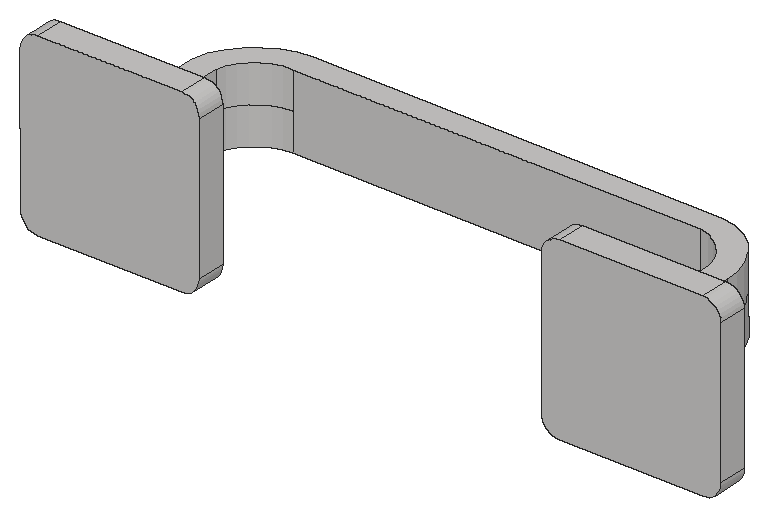
Revit family "SA-2404", category Plumbing Fixtures, host Wall, Revit 2023
Family settings
  Host = Wall
  Round Connector Dimension = Use Diameter
  Part Type = Normal
  OmniClass Number = 23.45.00.00
  OmniClass Title = Sanitary, Laundry, and Cleaning Equipment
  Enable Cutting in Views = No
  Always vertical = Yes
  Cut with Voids When Loaded = No
  Maintain Annotation Orientation = No
  Shared = No
  Room Calculation Point = No
Parameters
  Default Elevation = 0' - 0"
Reference planes (in)
  plane 1: y = 0
  plane 2 "Center (Left/Right)": x = -0.47711
  plane 3 "Back": y = 3
  plane 4: z = 36
  plane 5: z = 36
  plane 6: y = 5.75
  plane 7: y = 4.8125
  plane 8: z = 37.375
  plane 9: z = 34.625
  plane 10: x = -4.47711
  plane 11: x = -3.10211
  plane 12: x = -5.85211
  plane 13: x = 3.52289
Forms (in)
  Extrusion 1, solid, material "metal finish"
    sketch origin (49.77289, 3, -23.52289) x (0, 0, -1) y (-1, 0, 0)
      loop
        arc (-60.6231, 55.625) -> (-60.81741, 55.54451) -> (-60.89789, 55.35021) r 0.27479
        line (-60.89789, 55.35021) -> (-60.89789, 53.14979)
        arc (-60.89789, 53.14979) -> (-60.81741, 52.95549) -> (-60.6231, 52.875) r 0.27479
        line (-60.6231, 52.875) -> (-58.42269, 52.875)
        arc (-58.42269, 52.875) -> (-58.22838, 52.95549) -> (-58.14789, 53.14979) r 0.27479
        line (-58.14789, 53.14979) -> (-58.14789, 55.35021)
        arc (-58.14789, 55.35021) -> (-58.22838, 55.54451) -> (-58.42269, 55.625) r 0.27479
        line (-58.42269, 55.625) -> (-60.6231, 55.625)
      loop
        line (-60.6231, 44.875) -> (-58.42269, 44.875)
        arc (-58.42269, 44.875) -> (-58.22838, 44.95549) -> (-58.14789, 45.14979) r 0.27479
        line (-58.14789, 45.14979) -> (-58.14789, 47.35021)
        arc (-58.14789, 47.35021) -> (-58.22838, 47.54451) -> (-58.42269, 47.625) r 0.27479
        line (-58.42269, 47.625) -> (-60.6231, 47.625)
        arc (-60.6231, 47.625) -> (-60.81741, 47.54451) -> (-60.89789, 47.35021) r 0.27479
        line (-60.89789, 47.35021) -> (-60.89789, 45.14979)
        arc (-60.89789, 45.14979) -> (-60.81741, 44.95549) -> (-60.6231, 44.875) r 0.27479
    from 0 to 0.44231
  Sweep 2, solid, material "metal finish"
    path origin (49.77289, 0.49778, 36) x (0, 1, 0) y (-1, 0, 0)
      loop
        line (2.50222, 54.25) -> (4.31472, 54.25)
        arc (4.31472, 54.25) -> (4.8516, 53.92856) -> (5.0625, 53.33943) r 0.92829
        line (5.0625, 53.33943) -> (5.0625, 47.08417)
        arc (5.0625, 47.08417) -> (4.73864, 46.4877) -> (4.10289, 46.25) r 0.96904
        line (4.10289, 46.25) -> (2.50222, 46.25)
    profile origin (-0.43891, 5.56028, 36) x (0, 1, 0) y (0, 0, 1)
      loop
        line (0.18972, 0.57466) -> (0, 0.57466) -> (-0.18972, 0.57466) -> (-0.18972, 0) -> (-0.18972, -0.57466) -> (0, -0.57466) -> (0.18972, -0.57466) -> (0.18972, 0) -> (0.18972, 0.57466)
Cuts and joins
  joined: Extrusion 1, Sweep 2
Text (in)
  text "Placement Side" at (0, 40.15149, 123.01588), in view "Right"
  text "Placement Side" at (-70.3804, 45.82615, 0), in view "Ref. Level"
  text "Placement Side" at (0, 47.49176, 113.10569), in view "Left"
Dimensions and locks (in)
  locked: plane 3 "Back" to host wall
  plane 10 to plane 11 = 0' - 1 3/8"
  plane 10 to plane 12 = 0' - 1 3/8"
  plane 2 "Center (Left/Right)" to plane 10 = 0' - 4"
  Extrusion 1 to plane 6 = 0' - 2 3/4"
  plane 13 to plane 10 = 0' - 8"
  plane 12 to plane 13 = 0' - 9 3/8"
  plane 10 to plane 13 = 0' - 8"
  cut or joined group of Extrusion 1, Sweep 2 to cut or joined group of Extrusion 1, Sweep 2 = 0' - 2 3/4"
